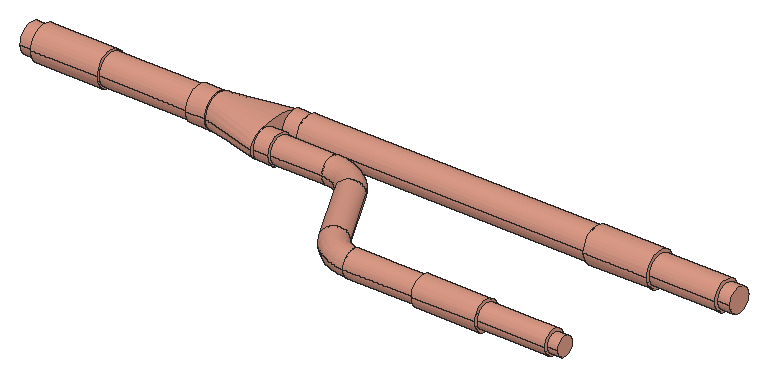
Revit family "outputfile", category 配管付属品, Revit 2024
Family settings
  丸型コネクタ寸法 = 半径を使用
  パーツ タイプ = 標準
  OmniClass 番号 = 23.65.55.00
  OmniClass タイトル = Distribution of Supplied Liquids/Gases
  作業面ベース = いいえ
  常に垂直 = はい
  ロード時にボイドで切り取り = いいえ
  共有 = いいえ
Parameters (values of type "BHRP26A73TA")
  Description = ""
  製造元 = "Daikin"
  書き出し IFC クラス(タイプ) = "IfcPipeFittingType"
  定義済み IFC タイプ(タイプ) = "JUNCTION"
  Cost = 0
  Type Comments = ""
  Keynote = ""
  Type Image = (empty or 0)
  Assembly Code = ""
  mm⇔inch [instance] = yes
  l_InletPipe4 = 12.0 mm
  built-in parameter 1114242 [instance] = (empty or 0)
  Default Elevation = 0.0 mm
  モデル = "BHRP26A73TA"
  table_StraightPipe [instance] = if(mm⇔inch, "Refnet Joint_BHRP26A-TA_Liquid_StraightPipe", "Refnet Joint_BHRP26A-TA_Liquid_StraightPipe_inch")  # "Refnet Joint_BHRP26A-TA_Liquid_StraightPipe"
  table_BranchPipe [instance] = if(mm⇔inch, "Refnet Joint_BHRP26A-TA_Liquid_BranchPipe", "Refnet Joint_BHRP26A-TA_Liquid_BranchPipe_inch")  # "Refnet Joint_BHRP26A-TA_Liquid_BranchPipe"
  table_Inlet [instance] = if(mm⇔inch, "Refnet Joint_BHRP26A-TA_Liquid_Inlet", "Refnet Joint_BHRP26A-TA_Liquid_Inlet_inch")  # "Refnet Joint_BHRP26A-TA_Liquid_Inlet"
  switch_StraightPipe_Reducer [instance] = if(Is_StraightPipe Reducer = 1, 1 = 1, 1 = 0)  # no
  switch_StraightPipe3 [instance] = if(number_StraightPipe = 3, 1 = 1, 1 = 0)  # yes
  switch_StraightPipe2 [instance] = if(number_StraightPipe < 2, 1 = 0, 1 = 1)  # yes
  switch_BranchPipe_Reducer [instance] = if(Is_BranchPipe Reducer = 1, 1 = 1, 1 = 0)  # no
  switch_BranchPipe3 [instance] = if(number_BranchPipe = 3, 1 = 1, 1 = 0)  # yes
  switch_BranchPipe2 [instance] = if(number_BranchPipe < 2, 1 = 0, 1 = 1)  # yes
  switch_Inlet pipe_Reducer [instance] = if(Is_Inlet Reducer = 1, 1 = 1, 1 = 0)  # no
  switch_Inlet pipe3 [instance] = if(number_InletPipe = 3, 1 = 1, 1 = 0)  # no
  switch_Inlet pipe2 [instance] = if(number_InletPipe < 2, 1 = 0, 1 = 1)  # yes
  Uniclass2015Version = "Products v1.31"
  Uniclass2015Title = "Copper pipe fittings"
  Uniclass2015Code = "Pr_65_52_63_18"
  URL = ""
  StraightPipe_Liquid_ActualDiameter [instance] = 12.7 mm
  Material_Piping = DAIKIN_Copper_Pipe
  Material_Insulation = DAIKIN_White_Insulation
  lw_Insulation [instance] = size_lookup(table_Inlet, "lw_Insulation", 38.0 mm, モデル)  # 65.1 mm
  Unit Type = "BHRP26A-TA_Liquid"
  Tag No. [instance] = ""
  StraightPipe_Liquid_Status [instance] = size_lookup(table_StraightPipe, "Information", "The connected pipe size is not available.", モデル, StraightPipe_Liquid_ActualDiameter)  # "Default connector size is used."
  Link_Nested Family [instance] = ""
  Inlet_Liquid_Actual Diameter [instance] = 15.9 mm
  IfcVersion = ""
  IfcExportType = "JUNCTION"
  IfcExportAs = "IfcPipeFittingType"
  BranchPipe_Liquid_Status [instance] = size_lookup(table_BranchPipe, "Information", "The connected pipe size is not available.", モデル, BranchPipe_Liquid_ActualDiameter)  # "Default connector size is used."
  Inlet_Liquid_Status [instance] = size_lookup(table_Inlet, "Information", "The connected pipe size is not available.", モデル, Inlet_Liquid_Actual Diameter)  # "Default connector size is used."
  Series = "Refnet Joint"
  O.R_dividePipe_Inlet [instance] = (I.D_InletPipe1 + 2.0 mm) / 2  # 10.55 mm
  r_StraightPipe_Connector [instance] = StraightPipe_Liquid_ActualDiameter / 2  # 6.35 mm
  r_BranchPipe_Connector [instance] = BranchPipe_Liquid_ActualDiameter / 2  # 4.75 mm
  r_Inlet_Connector [instance] = Inlet_Liquid_Actual Diameter / 2  # 7.95 mm
  number_StraightPipe [instance] = size_lookup(table_StraightPipe, "pipeNumber", 2, モデル, StraightPipe_Liquid_ActualDiameter)  # 3
  number_BranchPipe [instance] = size_lookup(table_BranchPipe, "pipeNumber", 2, モデル, BranchPipe_Liquid_ActualDiameter)  # 3
  number_InletPipe [instance] = size_lookup(table_Inlet, "pipeNumber", 1, モデル, Inlet_Liquid_Actual Diameter)  # 2
  r_BranchPipeR [instance] = size_lookup(table_BranchPipe, "r_offsetPipeR", 18.0 mm, モデル, BranchPipe_Liquid_ActualDiameter)  # 25.0 mm
  l_BranchPipe_Straight2 [instance] = size_lookup(table_BranchPipe, "L_offsetPipe2", 26.5 mm, モデル)  # 44.0 mm
  l_BranchPipe_Straight1 [instance] = size_lookup(table_BranchPipe, "L_offsetPipe1", 5.0 mm, モデル)  # 33.0 mm
  l_BranchPipe connector [instance] = size_lookup(table_BranchPipe, "Length", 150.0 mm, モデル, BranchPipe_Liquid_ActualDiameter)  # 244.0 mm
  l_inlet connector [instance] = size_lookup(table_Inlet, "Length", 70.0 mm, モデル, Inlet_Liquid_Actual Diameter)  # 118.0 mm
  l_dividePipe [instance] = size_lookup(table_Inlet, "L_devidePipe", 30.0 mm, モデル)  # 38.0 mm
  l_StraightPipeReducer [instance] = size_lookup(table_StraightPipe, "L_Reducer", 80.0 mm, モデル, StraightPipe_Liquid_ActualDiameter)  # 80.0 mm
  l_StraightPipe3 [instance] = size_lookup(table_StraightPipe, "L_Pipe3", 2.0 mm, モデル)  # 8.0 mm
  l_StraightPipe2 [instance] = size_lookup(table_StraightPipe, "L_Pipe2", 6.0 mm, モデル)  # 42.0 mm
  l_StraightPipe1 [instance] = size_lookup(table_StraightPipe, "L_Pipe1", 44.0 mm, モデル)  # 40.0 mm
  l_StraightPipe0 [instance] = size_lookup(table_StraightPipe, "L_Pipe0", 130.0 mm, モデル)  # 182.0 mm
  l_StraightPipe connector [instance] = size_lookup(table_StraightPipe, "Length", 190.0 mm, モデル, StraightPipe_Liquid_ActualDiameter)  # 282.0 mm
  l_BranchPipe Reducer [instance] = size_lookup(table_BranchPipe, "L_Reducer", 50.0 mm, モデル, BranchPipe_Liquid_ActualDiameter)  # 50.0 mm
  l_BranchPipe3 [instance] = size_lookup(table_BranchPipe, "L_Pipe3", 2.0 mm, モデル)  # 7.0 mm
  l_BranchPipe2 [instance] = size_lookup(table_BranchPipe, "L_Pipe2", 6.0 mm, モデル)  # 43.0 mm
  l_BranchPipe1 [instance] = size_lookup(table_BranchPipe, "L_Pipe1", 44.0 mm, モデル)  # 40.0 mm
  l_BranchPipe0 [instance] = size_lookup(table_BranchPipe, "L_Pipe0", 90.0 mm, モデル)  # 144.0 mm
  l_InletReducer [instance] = size_lookup(table_Inlet, "L_Reducer", 80.0 mm, モデル, Inlet_Liquid_Actual Diameter)  # 100.0 mm
  l_InletPipe3 [instance] = size_lookup(table_Inlet, "L_Pipe3", 2.0 mm, モデル)  # 2.0 mm
  l_InletPipe2 [instance] = size_lookup(table_Inlet, "L_Pipe2", 2.0 mm, モデル)  # 8.0 mm
  l_InletPipe1 [instance] = size_lookup(table_Inlet, "L_Pipe1", 7.0 mm, モデル)  # 42.0 mm
  l_InletPipe0 [instance] = size_lookup(table_Inlet, "L_Pipe0", 53.0 mm, モデル)  # 56.0 mm
  center_StraightPipe [instance] = size_lookup(table_StraightPipe, "center_Pipe", 6.5 mm, モデル)  # 11.5 mm
  center_BranchPipe2 [instance] = size_lookup(table_BranchPipe, "center_OffsetPipe", 73.5 mm, モデル)  # 78.5 mm
  center_BranchPipe1 [instance] = size_lookup(table_BranchPipe, "center_Pipe", 6.5 mm, モデル)  # 11.5 mm
  StraightPipe_Liquid_AvailableDiameter [instance] = size_lookup(table_StraightPipe, "sizeVariation", "", モデル)  # "12.7/15.9/19.1mm"
  BranchPipe_Liquid_AvailableDiameter [instance] = size_lookup(table_BranchPipe, "sizeVariation", "", モデル)  # "6.4/9.5/12.7/15.9mm"
  Inlet_Liquid_Available Diameter [instance] = size_lookup(table_Inlet, "sizeVariation", "", モデル)  # "15.9/19.1/22.2mm"
  O.D_StraightPipe Reducer [instance] = size_lookup(table_StraightPipe, "O.D_reducer", 2.0 mm, モデル, StraightPipe_Liquid_ActualDiameter)  # 2.0 mm
  O.D_Offset Outlet Reducer [instance] = size_lookup(table_BranchPipe, "O.D_reducer", 2.0 mm, モデル, BranchPipe_Liquid_ActualDiameter)  # 2.0 mm
  O.D_Inlet Reducer [instance] = size_lookup(table_Inlet, "O.D_reducer", 2.0 mm, モデル, Inlet_Liquid_Actual Diameter)  # 2.0 mm
  Is_StraightPipe Reducer [instance] = size_lookup(table_StraightPipe, "IsReducer", 0, モデル, StraightPipe_Liquid_ActualDiameter)  # 0
  Is_BranchPipe Reducer [instance] = size_lookup(table_BranchPipe, "IsReducer", 0, モデル, BranchPipe_Liquid_ActualDiameter)  # 0
  Is_Inlet Reducer [instance] = size_lookup(table_Inlet, "IsReducer", 0, モデル, Inlet_Liquid_Actual Diameter)  # 0
  BranchPipe_Liquid_ActualDiameter [instance] = 9.5 mm
  Attach_Insulation [instance] = no
  I.D_StraightPipe3 [instance] = size_lookup(table_StraightPipe, "I.D_PipeSize3", 2.0 mm, モデル)  # 12.7 mm
  I.D_StraightPipe2 [instance] = size_lookup(table_StraightPipe, "I.D_PipeSize2", 6.4 mm, モデル)  # 15.9 mm
  I.D_StraightPipe1 [instance] = size_lookup(table_StraightPipe, "I.D_PipeSize1", 9.5 mm, モデル)  # 19.1 mm
  I.D_StraightPipe0 [instance] = size_lookup(table_StraightPipe, "I.D_PipeSize0", 7.5 mm, モデル)  # 17.1 mm
  I.D_BranchPipe3 [instance] = size_lookup(table_BranchPipe, "I.D_PipeSize3", 2.0 mm, モデル)  # 9.5 mm
  I.D_BranchPipe2 [instance] = size_lookup(table_BranchPipe, "I.D_PipeSize2", 6.4 mm, モデル)  # 12.7 mm
  I.D_BranchPipe1 [instance] = size_lookup(table_BranchPipe, "I.D_PipeSize1", 9.5 mm, モデル)  # 15.9 mm
  I.D_BranchPipe0 [instance] = size_lookup(table_BranchPipe, "I.D_PipeSize0", 7.5 mm, モデル)  # 13.9 mm
  I.D_Straight Reducer [instance] = size_lookup(table_StraightPipe, "I.D_reducer", 2.0 mm, モデル, StraightPipe_Liquid_ActualDiameter)  # 2.0 mm
  I.D_OutletPipe [instance] = size_lookup(table_Inlet, "I.D_OutletPipeSize", 9.6 mm, モデル, Inlet_Liquid_Actual Diameter)  # 16.0 mm
  I.D_Branch Reducer [instance] = size_lookup(table_BranchPipe, "I.D_reducer", 2.0 mm, モデル, BranchPipe_Liquid_ActualDiameter)  # 2.0 mm
  I.D_Inlet Reducer [instance] = size_lookup(table_Inlet, "I.D_reducer", 2.0 mm, モデル, Inlet_Liquid_Actual Diameter)  # 2.0 mm
  I.D_InletPipe3 [instance] = size_lookup(table_Inlet, "I.D_PipeSize3", 2.0 mm, モデル)  # 2.0 mm
  I.D_InletPipe2 [instance] = size_lookup(table_Inlet, "I.D_PipeSize2", 2.0 mm, モデル)  # 15.9 mm
  I.D_InletPipe1 [instance] = size_lookup(table_Inlet, "I.D_PipeSize1", 9.5 mm, モデル)  # 19.1 mm
  I.D_InletPipe0 [instance] = size_lookup(table_Inlet, "I.D_PipeSize0", 7.5 mm, モデル)  # 17.1 mm
Reference planes
  plane 1 "Center (Front/Back)": y = 0
  plane 2: z = 0
  plane 3 "base_left": x = 0
  plane 4: x = 2
  plane 5: x = 10
  plane 6: x = 52
  plane 7: x = 108
  plane 8: x = 120
  plane 9: x = 158
  plane 10: x = 168
  plane 11 "center_straight outlet": y = 11.5
  plane 12 "center2_offset outlet": y = -78.5
  plane 13 "center1_offset outlet": y = -11.5
  plane 14: x = 350
  plane 15: x = 390
  plane 16: x = 432
  plane 17: x = 312
  plane 18: x = 352
  plane 19: x = 395
  plane 20: x = 440
  plane 21: x = 402
  plane 22 "Reducer_straightoutlet": x = 402
  plane 23: x = 440
  plane 24: y = -22.05
  plane 25: z = 10.55
  plane 26 "Inlet_connector": x = 2
  plane 27 "Left_Insulation": x = 54.9
Forms (mm)
  SweptBlend 1, solid, material "DAIKIN_Copper_Pipe" <- "Material_Piping"
    path origin (0, 0, 0) x (1, 0, 0) y (0, 1, 0)
      loop
        line (120, 0) -> (158, 0)
    profile origin (120, 0, 0) x (0, 1, 0) y (0, 0, 1)
      loop
        circle (0, 0) r 10.55
    end profile origin (158, 0, 0) x (0, 1, 0) y (0, 0, 1)
      loop
        spline (-22.05, 0) -> (-21.299, -2.731) -> (-19.096, -5.275) -> (-15.592, -7.46) -> (-11.025, -9.137) -> (-5.707, -10.191) -> (0, -10.55) -> (5.707, -10.191) -> (11.025, -9.137) -> (15.592, -7.46) -> (19.096, -5.275) -> (21.299, -2.731) -> (22.05, 0)
        spline (22.05, 0) -> (21.299, 2.731) -> (19.096, 5.275) -> (15.592, 7.46) -> (11.025, 9.137) -> (5.707, 10.191) -> (0, 10.55) -> (-5.707, 10.191) -> (-11.025, 9.137) -> (-15.592, 7.46) -> (-19.096, 5.275) -> (-21.299, 2.731) -> (-22.05, 0)
Dimensions and locks
  "l_InletPipe3": plane 3 "base_left" to plane 4
  "l_InletPipe2": plane 4 to plane 5
  "l_InletPipe1": plane 5 to plane 6
  "l_InletPipe0": plane 6 to plane 7
  "l_InletPipe4": plane 7 to plane 8
  "center_StraightPipe": plane 1 "Center (Front/Back)" to plane 11 "center_straight outlet"
  "center_BranchPipe2": plane 12 "center2_offset outlet" to plane 1 "Center (Front/Back)"
  "center_BranchPipe1": plane 13 "center1_offset outlet" to plane 1 "Center (Front/Back)"
  "l_dividePipe": plane 8 to plane 9
  plane 9 to plane 10 = 10.0 mm
  "l_StraightPipe0": plane 10 to plane 14
  "l_BranchPipe0": plane 10 to plane 17
  "l_BranchPipe1": plane 17 to plane 18
  "l_BranchPipe2": plane 18 to plane 19
  "l_StraightPipe1": plane 14 to plane 15
  "l_StraightPipe2": plane 15 to plane 16
  "l_StraightPipe3": plane 16 to plane 20
  "l_BranchPipe3": plane 19 to plane 21
  "l_BranchPipe connector": plane 9 to plane 22 "Reducer_straightoutlet"
  "l_StraightPipe connector": plane 9 to plane 23
  "O.R_dividePipe_Inlet": plane 24 to plane 13 "center1_offset outlet"
  "O.R_dividePipe_Inlet": plane 25 to plane 2
  "l_inlet connector": plane 26 "Inlet_connector" to plane 8
  "lw_Insulation": plane 27 "Left_Insulation" to plane 8
  "O.R_dividePipe_Inlet": radius of SweptBlend 1 sketch curve
  aligned and locked: level to plane 2
  aligned and locked: plane 2 to nested 1
  aligned and locked: plane 3 "base_left" to nested 1
  aligned and locked: plane 1 "Center (Front/Back)" to nested 1
  aligned and locked: plane 4 to nested 2
  aligned and locked: plane 1 "Center (Front/Back)" to nested 2
  aligned and locked: plane 5 to nested 2
  aligned and locked: plane 5 to nested 3
  aligned and locked: plane 6 to nested 3
  aligned and locked: plane 6 to nested 4
  aligned and locked: nested 4 to plane 7
  aligned and locked: nested 5 to plane 7
  aligned and locked: nested 5 to plane 8
  aligned and locked: plane 8 to SweptBlend 1 sketch curve
  aligned and locked: plane 9 to SweptBlend 1 sketch curve
  aligned and locked: plane 2 to SweptBlend 1 sketch curve  (x2)
  aligned and locked: plane 1 "Center (Front/Back)" to SweptBlend 1 sketch curve  (x2)
  aligned and locked: nested 6 to plane 9
  aligned and locked: nested 7 to plane 9
  aligned and locked: nested 6 to plane 11 "center_straight outlet"
  aligned and locked: nested 7 to plane 13 "center1_offset outlet"
  aligned and locked: nested 7 to plane 10
  aligned and locked: nested 6 to plane 10
  aligned and locked: nested 8 to plane 10
  aligned and locked: plane 14 to nested 8
  aligned and locked: nested 8 to plane 11 "center_straight outlet"
  aligned and locked: plane 14 to nested 9
  aligned and locked: nested 9 to plane 11 "center_straight outlet"
  aligned and locked: plane 15 to nested 9
  aligned and locked: nested 10 to plane 11 "center_straight outlet"
  aligned and locked: plane 15 to nested 10
  aligned and locked: plane 16 to nested 10
  aligned and locked: nested 11 to plane 12 "center2_offset outlet"
  aligned and locked: plane 17 to nested 11
  aligned and locked: plane 18 to nested 11
  aligned and locked: nested 12 to plane 12 "center2_offset outlet"
  aligned and locked: plane 18 to nested 12
  aligned and locked: plane 19 to nested 12
  aligned and locked: nested 13 to plane 10
  aligned and locked: nested 13 to plane 13 "center1_offset outlet"
  aligned and locked: nested 13 to plane 12 "center2_offset outlet"
  aligned and locked: plane 8 to nested 14
  aligned and locked: plane 1 "Center (Front/Back)" to nested 14
  aligned and locked: plane 11 "center_straight outlet" to nested 15
  aligned and locked: nested 15 to plane 9
  aligned and locked: nested 16 to plane 9
  aligned and locked: plane 12 "center2_offset outlet" to nested 16
  aligned and locked: nested 17 to plane 1 "Center (Front/Back)"
  aligned and locked: plane 16 to nested 18
  aligned and locked: plane 20 to nested 18
  aligned and locked: plane 19 to nested 19
  aligned and locked: plane 21 to nested 19
  aligned and locked: nested 20 to plane 12 "center2_offset outlet"
  aligned and locked: plane 23 to nested 21
  aligned and locked: nested 21 to plane 11 "center_straight outlet"
  aligned and locked: plane 4 to nested 1
  aligned and locked: plane 24 to SweptBlend 1 sketch curve
  aligned and locked: plane 25 to SweptBlend 1 sketch curve
  aligned and locked: nested 19 to plane 12 "center2_offset outlet"
  aligned and locked: nested 18 to plane 11 "center_straight outlet"
  aligned and locked: nested 17 to plane 26 "Inlet_connector"
  aligned and locked: plane 22 "Reducer_straightoutlet" to nested 20
  aligned and locked: nested 22 to plane 27 "Left_Insulation"
  aligned and locked: plane 1 "Center (Front/Back)" to nested 22
Automatic sketch dimensions
  plane 1 "Center (Front/Back)" to SweptBlend 1 sketch curve = 0.0 mm
Nested families
  nested 1: "daikin_Pipe" at (1, 0, 0), I.D_Pipe <- "I.D_InletPipe3", display <- "switch_Inlet pipe3", type "*"
    with length_Pipe 2.0 mm, display no, O.D_Pipe 4.0 mm, I.D_Pipe 2.0 mm
  nested 2: "daikin_Pipe" at (6, 0, 0), I.D_Pipe <- "I.D_InletPipe2", display <- "switch_Inlet pipe2", type "*"
    with length_Pipe 8.0 mm, display yes, O.D_Pipe 17.9 mm, I.D_Pipe 15.9 mm
  nested 3: "daikin_Pipe" at (31, 0, 0), I.D_Pipe <- "I.D_InletPipe1", type "*"
    with length_Pipe 42.0 mm, display yes, O.D_Pipe 21.1 mm, I.D_Pipe 19.1 mm
  nested 4: "daikin_Pipe" at (80, 0, 0), I.D_Pipe <- "I.D_InletPipe0", type "*"
    with length_Pipe 56.0 mm, display yes, O.D_Pipe 19.1 mm, I.D_Pipe 17.1 mm
  nested 5: "daikin_Pipe" at (114, 0, 0), I.D_Pipe <- "I.D_InletPipe1", type "*"
    with length_Pipe 12.0 mm, display yes, O.D_Pipe 21.1 mm, I.D_Pipe 19.1 mm
  nested 6: "daikin_Pipe" at (163, 11.5, 0), I.D_Pipe <- "I.D_OutletPipe", type "*"
    with length_Pipe 10.0 mm, display yes, O.D_Pipe 18.0 mm, I.D_Pipe 16.0 mm
  nested 7: "daikin_Pipe" at (163, -11.5, 0), I.D_Pipe <- "I.D_OutletPipe", type "*"
    with length_Pipe 10.0 mm, display yes, O.D_Pipe 18.0 mm, I.D_Pipe 16.0 mm
  nested 8: "daikin_Pipe" at (259, 11.5, 0), I.D_Pipe <- "I.D_StraightPipe0", type "*"
    with length_Pipe 182.0 mm, display yes, O.D_Pipe 19.1 mm, I.D_Pipe 17.1 mm
  nested 9: "daikin_Pipe" at (370, 11.5, 0), I.D_Pipe <- "I.D_StraightPipe1", type "*"
    with length_Pipe 40.0 mm, display yes, O.D_Pipe 21.1 mm, I.D_Pipe 19.1 mm
  nested 10: "daikin_Pipe" at (411, 11.5, 0), I.D_Pipe <- "I.D_StraightPipe2", display <- "switch_StraightPipe2", type "*"
    with length_Pipe 42.0 mm, display yes, O.D_Pipe 17.9 mm, I.D_Pipe 15.9 mm
  nested 11: "daikin_Pipe" at (332, -78.5, 0), I.D_Pipe <- "I.D_BranchPipe1", type "*"
    with length_Pipe 40.0 mm, display yes, O.D_Pipe 17.9 mm, I.D_Pipe 15.9 mm
  nested 12: "daikin_Pipe" at (373.5, -78.5, 0), I.D_Pipe <- "I.D_BranchPipe2", display <- "switch_BranchPipe2", type "*"
    with length_Pipe 43.0 mm, display yes, O.D_Pipe 14.7 mm, I.D_Pipe 12.7 mm
  nested 13: "daikin_Pipe Ofsset" at (168, -11.5, 0), I.D_Pipe size <- "I.D_BranchPipe0", length_straight pipe1 <- "l_BranchPipe_Straight1", length_straight pipe2 <- "l_BranchPipe_Straight2", r_Pipe R <- "r_BranchPipeR", length_Pipe <- "l_BranchPipe0", type "*"
    with r_Pipe R 25.0 mm, length_straight pipe2 44.0 mm, length_straight pipe1 33.0 mm, length_offset center 67.0 mm, length_Pipe 144.0 mm, O.D_Pipe size 15.9 mm, I.D_Pipe size 13.9 mm
  nested 14: "daikin_connector_rotate2" at (120, 0, 0) x (0, -1, 0) z (0, 0, 1), length <- "l_inlet connector", type "daikin_connector_rotate2"
    with radius 5.0 mm, length 118.0 mm, angle_vertical 90.00°, locaton_mark no
  nested 15: "daikin_connector_rotate2" at (158, 11.5, 0) x (0, 1, 0) z (0, 0, 1), length <- "l_StraightPipe connector", type "daikin_connector_rotate2"
    with radius 5.0 mm, length 282.0 mm, angle_vertical 90.00°, locaton_mark no
  nested 16: "daikin_connector_rotate2" at (158, -78.5, 0) x (0, 1, 0) z (0, 0, 1), length <- "l_BranchPipe connector", type "daikin_connector_rotate2"
    with radius 5.0 mm, length 244.0 mm, angle_vertical 90.00°, locaton_mark no
  nested 17: "daikin_Pipe_reducer" at (52, 0, 0) x (-1, 0, 0) z (0, 0, 1), display <- "switch_Inlet pipe_Reducer", length_Pipe <- "l_InletReducer", I.D_Pipe1 <- "I.D_Inlet Reducer", O.D_Pipe2 <- "O.D_Inlet Reducer", type "*"
    with length_Pipe 100.0 mm, display no, O.D_Pipe2 2.0 mm, O.D_Pipe1 4.0 mm, I.D_Pipe2 0.0 mm, I.D_Pipe1 2.0 mm
  nested 18: "daikin_Pipe" at (436, 11.5, 0), I.D_Pipe <- "I.D_StraightPipe3", display <- "switch_StraightPipe3", type "*"
    with length_Pipe 8.0 mm, display yes, O.D_Pipe 14.7 mm, I.D_Pipe 12.7 mm
  nested 19: "daikin_Pipe" at (398.5, -78.5, 0), I.D_Pipe <- "I.D_BranchPipe3", display <- "switch_BranchPipe3", type "*"
    with length_Pipe 7.0 mm, display yes, O.D_Pipe 11.5 mm, I.D_Pipe 9.5 mm
  nested 20: "daikin_Pipe_reducer" at (377, -78.5, 0), I.D_Pipe1 <- "I.D_Branch Reducer", O.D_Pipe2 <- "O.D_Offset Outlet Reducer", length_Pipe <- "l_BranchPipe Reducer", display <- "switch_BranchPipe_Reducer", type "*"
    with length_Pipe 50.0 mm, display no, O.D_Pipe2 2.0 mm, O.D_Pipe1 4.0 mm, I.D_Pipe2 0.0 mm, I.D_Pipe1 2.0 mm
  nested 21: "daikin_Pipe_reducer" at (400, 11.5, 0), I.D_Pipe1 <- "I.D_Straight Reducer", O.D_Pipe2 <- "O.D_StraightPipe Reducer", length_Pipe <- "l_StraightPipeReducer", display <- "switch_StraightPipe_Reducer", type "*"
    with length_Pipe 80.0 mm, display no, O.D_Pipe2 2.0 mm, O.D_Pipe1 4.0 mm, I.D_Pipe2 0.0 mm, I.D_Pipe1 2.0 mm
  nested 22: "daikin_Insulation_RefnetJoint" at (54.9, 0, 0), I.D_Outlet PipeSize <- "I.D_OutletPipe", type "*"
    with h 48.0 mm, I.D_Outlet PipeSize 16.0 mm, r_Insulation 18.4 mm, h_Insulation 229.4 mm, d_Insulation3_3 74.9 mm, d_Insulation2_2 40.2 mm, d_Insulation1_1 27.2 mm, w_Insulation5 238.0 mm, w_Insulation4 59.7 mm, w_Insulation3 48.7 mm, w_Insulation2 93.9 mm, w_Insulation1 33.1 mm, d_Insulation3 68.4 mm, d_Insulation2 38.8 mm, d_Insulation1 25.8 mm
Connectors
  piping at (2, 0, 0), diameter 15.9, driven by "r_Inlet_Connector"
    settings: on nested 14, index 1, connector inside diameter 609.6 mm, connector length 0.0 mm, flow factor 0, pipe flow 0.00 m³/h, pressure drop 0.0 Pa, fitting loss kfactor 0, connector angle 0.00°, fixture units 0, engagement length 0.0 mm, angle of deflection 0.00°, flow configuration 0, flow direction 1, fitting loss method 0, system type 29, joint type 0, gender type 0, connector reference index -1, connector utility 0, adjustable connector no, is connector primary yes, connector description "Refnet Joint_Inlet_Liquid"
  piping at (402, -78.5, 0), diameter 9.5, driven by "r_BranchPipe_Connector"
    settings: on nested 16, index 2, connector inside diameter 609.6 mm, connector length 0.0 mm, flow factor 0, pipe flow 0.00 m³/h, pressure drop 0.0 Pa, fitting loss kfactor 0, connector angle 0.00°, fixture units 0, engagement length 0.0 mm, angle of deflection 0.00°, flow configuration 0, flow direction 2, fitting loss method 0, system type 29, joint type 0, gender type 0, connector reference index -1, connector utility 0, adjustable connector no, is connector primary no, connector description "Refnet Joint_Outlet Branch_Liquid"
  piping at (440, 11.5, 0), diameter 12.7, driven by "r_StraightPipe_Connector"
    settings: on nested 15, index 3, connector inside diameter 609.6 mm, connector length 0.0 mm, flow factor 0, pipe flow 0.00 m³/h, pressure drop 0.0 Pa, fitting loss kfactor 0, connector angle 0.00°, fixture units 0, engagement length 0.0 mm, angle of deflection 0.00°, flow configuration 0, flow direction 2, fitting loss method 0, system type 29, joint type 0, gender type 0, connector reference index -1, connector utility 0, adjustable connector no, is connector primary no, connector description "Refnet Joint_Outlet Straight_Liquid"
Definition of nested family "daikin_Pipe"
  Parameters (values of type "*")
    Default Elevation = 0.0 mm
    material = none
    length_Pipe [instance] = 150.0 mm
    display [instance] = yes
    O.D_Pipe [instance] = I.D_Pipe + 2.0 mm  # 27.0 mm
    I.D_Pipe [instance] = 25.0 mm
  Reference planes
    plane 1 "Center (Front/Back)": y = 0
    plane 2 "center(vertical)": z = 0
    plane 3 "Center (Left/Right)": x = 0
    plane 4 "left": x = -75
    plane 5 "right": x = 75
  Forms (mm)
    Extrusion 1, solid, material <- "material", visible <- "display"
      sketch origin (0, 0, 0) x (0, 1, 0) y (0, 0, 1)
        loop
          circle (0, 0) r 13.5
      from -75 to 75
  Dimensions and locks
    equal spacing: plane 4 "left", plane 3 "Center (Left/Right)", plane 5 "right"
    "length_Pipe": plane 4 "left" to plane 5 "right"
    "O.D_Pipe": diameter of Extrusion 1 sketch curve
    aligned and locked: level to plane 2 "center(vertical)"
    aligned and locked: plane 2 "center(vertical)" to Extrusion 1 sketch curve
    aligned and locked: plane 1 "Center (Front/Back)" to Extrusion 1 sketch curve
    aligned and locked: plane 5 "right" to Extrusion 1
    aligned and locked: Extrusion 1 to plane 4 "left"
Definition of nested family "daikin_Pipe Ofsset"
  Parameters (values of type "*")
    Default Elevation = 0.0 mm
    r_Pipe R [instance] = 18.0 mm
    material = none
    length_straight pipe2 [instance] = 25.5 mm
    length_straight pipe1 [instance] = 5.0 mm
    length_offset center [instance] = 67.5 mm
    length_Pipe [instance] = 90.0 mm
    O.D_Pipe size [instance] = I.D_Pipe size + 2.0 mm  # 12.0 mm
    I.D_Pipe size [instance] = 10.0 mm
  Reference planes
    plane 1 "Center (Front/Back)": y = 0
    plane 2: z = 0
    plane 3 "Center (Left/Right)": x = 0
    plane 4: y = -67.5
    plane 5: x = 90
    plane 6: x = 64.5
    plane 7: x = 5
  Forms (mm)
    Sweep 1, solid, material <- "material"
      path origin (0, 0, 0) x (1, 0, 0) y (0, 1, 0)
        loop
          line (0, 0) -> (5, 0)
          arc (5, 0) -> (14.03, -2.429) -> (20.623, -9.061) r 18
          line (20.623, -9.061) -> (48.877, -58.439)
          arc (48.877, -58.439) -> (55.47, -65.071) -> (64.5, -67.5) r 18
          line (64.5, -67.5) -> (90, -67.5)
      profile origin (2.5, 0, 0) x (0, 1, 0) y (0, 0, 1)
        loop
          circle (0, 0) r 6
  Dimensions and locks
    "length_offset center": plane 4 to plane 1 "Center (Front/Back)"
    "length_straight pipe1": plane 3 "Center (Left/Right)" to plane 7
    "length_Pipe": plane 3 "Center (Left/Right)" to plane 5
    "length_straight pipe2": plane 6 to plane 5
    "O.D_Pipe size": diameter of Sweep 1 sketch curve
    "r_Pipe R": radius of Sweep 1 sketch curve  (x2)
    aligned and locked: level to plane 2
    aligned and locked: plane 1 "Center (Front/Back)" to Sweep 1 sketch curve
    aligned and locked: profile plane to Sweep 1 sketch curve
    aligned and locked: plane 5 to Sweep 1 sketch curve
    aligned and locked: plane 7 to Sweep 1 sketch curve
    aligned and locked: plane 6 to Sweep 1 sketch curve
  Automatic sketch dimensions
    plane 1 "Center (Front/Back)" to Sweep 1 sketch curve = 0.0 mm
    Sweep 1 sketch curve to plane 3 "Center (Left/Right)" = 0.0 mm
    plane 4 to Sweep 1 sketch curve = 0.0 mm
Definition of nested family "daikin_connector_rotate2"
  Parameters (values of type "daikin_connector_rotate2")
    show_face = no
    radius [instance] = 10.0 mm
    locaton_mark = yes
    length [instance] = 600.0 mm
    d_surface = 10.0 mm
    angle_vertical [instance] = 90.00°
    Default Elevation = 0.0 mm
  Reference planes
    plane 1 "Center (Front/Back)": y = 0
    plane 2: z = 0
    plane 3 "Center (Left/Right)": x = 0
  Forms (mm)
    Extrusion 1, solid, visible <- "show_face"
      sketch origin (0, -600, 0) x (1, 0, 0) y (0, 0, 1)
        loop
          circle (0, 0) r 10
      from 0 to -10
  Lines and regions (mm)
    reference lines
      curve 1: line (0, 0, 0) -> (0, -600, 0)
    symbolic lines, visible <- "locaton_mark"
      curve 2: circle (0, 0, 0) r 5 normal (0, 0, 1)
    model lines, visible <- "show_face"
      curve 3: line (0, 0, 0) -> (0, -600, 0)
  Dimensions and locks
    "length": curve 1 to curve 1
    "length": curve 3 to curve 3
    "d_surface": Extrusion 1 to Extrusion 1
    "radius": radius of Extrusion 1 sketch curve
    "angle_vertical": angle curve 1 to plane 1 "Center (Front/Back)"
    "angle_vertical": angle curve 3 to plane 1 "Center (Front/Back)"
    aligned and locked: level to plane 2
    aligned and locked: plane 1 "Center (Front/Back)" to curve 1
    aligned and locked: plane 2 to curve 1
    aligned and locked: plane 1 "Center (Front/Back)" to curve 2
    aligned and locked: plane 3 "Center (Left/Right)" to curve 2
    aligned and locked: plane 1 "Center (Front/Back)" to curve 3
    aligned and locked: plane 2 to curve 3
    aligned and locked: Extrusion 1 to Extrusion 1
  Automatic sketch dimensions
    Extrusion 1 sketch curve to level = 0.0 mm
    Extrusion 1 sketch curve to plane 3 "Center (Left/Right)" = 0.0 mm
    radius of curve 2 = 5.0 mm
Definition of nested family "daikin_Pipe_reducer"
  Parameters (values of type "*")
    Default Elevation = 0.0 mm
    material = none
    length_Pipe [instance] = 250.0 mm
    display [instance] = yes
    O.D_Pipe2 [instance] = 19.1 mm
    O.D_Pipe1 [instance] = I.D_Pipe1 + 2.0 mm  # 24.2 mm
    I.D_Pipe2 [instance] = O.D_Pipe2 - 2.0 mm  # 17.1 mm
    I.D_Pipe1 [instance] = 22.2 mm
  Reference planes
    plane 1 "Center (Front/Back)": y = 0
    plane 2 "center(vertical)": z = 0
    plane 3 "Center (Left/Right)": x = 0
    plane 4 "connection": x = -125
    plane 5 "right": x = 113
    plane 6: x = 125
  Forms (mm)
    Extrusion 1, solid, material <- "material", visible <- "display"
      sketch origin (0, 0, 0) x (0, 1, 0) y (0, 0, 1)
        loop
          circle (0, 0) r 9.55
      from -125 to 113
    Extrusion 2, solid, material <- "material", visible <- "display"
      sketch origin (0, 0, 0) x (0, 1, 0) y (0, 0, 1)
        loop
          circle (0, 0) r 12.1
      from 113 to 125
  Dimensions and locks
    locked: plane 5 "right" to plane 6 at 12
    "length_Pipe": plane 4 "connection" to plane 6
    equal spacing: plane 4 "connection", plane 3 "Center (Left/Right)", plane 6
    "O.D_Pipe2": diameter of Extrusion 1 sketch curve
    "O.D_Pipe1": diameter of Extrusion 2 sketch curve
    aligned and locked: level to plane 2 "center(vertical)"
    aligned and locked: plane 2 "center(vertical)" to Extrusion 1 sketch curve
    aligned and locked: plane 1 "Center (Front/Back)" to Extrusion 1 sketch curve
    aligned and locked: plane 5 "right" to Extrusion 1
    aligned and locked: Extrusion 1 to plane 4 "connection"
    aligned and locked: plane 2 "center(vertical)" to Extrusion 2 sketch curve
    aligned and locked: plane 1 "Center (Front/Back)" to Extrusion 2 sketch curve
    aligned and locked: Extrusion 2 to plane 5 "right"
    aligned and locked: plane 6 to Extrusion 2
Definition of nested family "daikin_Insulation_RefnetJoint"
  Parameters (values of type "*")
    r_Insulation = size_lookup(table_Insulation, "r_Insulation", 17.0 mm, Model)  # 17.0 mm
    h_Insulation = size_lookup(table_Insulation, "h_Insulation", 146.0 mm, Model)  # 146.0 mm
    d_Insulation3_3 = size_lookup(table_Insulation, "d_Insulation3_3", 64.0 mm, Model)  # 64.0 mm
    d_Insulation2_2 = size_lookup(table_Insulation, "d_Insulation2_2", 30.0 mm, Model)  # 30.0 mm
    d_Insulation1_1 = size_lookup(table_Insulation, "d_Insulation1_1", 22.0 mm, Model)  # 22.0 mm
    Default Elevation = 0.0 mm
    Model = "BHRP26A22TA"
    w_Insulation5 = size_lookup(table_Insulation, "w_Insulation5", 153.0 mm, Model)  # 153.0 mm
    w_Insulation4 = size_lookup(table_Insulation, "w_Insulation4", 51.5 mm, Model)  # 51.5 mm
    w_Insulation3 = size_lookup(table_Insulation, "w_Insulation3", 33.1 mm, Model)  # 33.1 mm
    w_Insulation2 = size_lookup(table_Insulation, "w_Insulation2", 35.3 mm, Model)  # 35.3 mm
    w_Insulation1 = size_lookup(table_Insulation, "w_Insulation1", 1.0 mm, Model)  # 1.0 mm
    table_Insulation = "Refnet Joint_BHRP26A-TA_Liquid_Insulation"  # constant formula
    material = none
    h [instance] = (I.D_Outlet PipeSize + 2.0 mm) + 30.0 mm  # 47.0 mm
    display = no
    d_Insulation3 = size_lookup(table_Insulation, "d_Insulation3", 63.0 mm, Model)  # 63.0 mm
    d_Insulation2 = size_lookup(table_Insulation, "d_Insulation2", 32.0 mm, Model)  # 32.0 mm
    d_Insulation1 = size_lookup(table_Insulation, "d_Insulation1", 24.0 mm, Model)  # 24.0 mm
    I.D_Outlet PipeSize [instance] = 15.0 mm
  Reference planes
    plane 1 "Center (Front/Back)": y = 0
    plane 2: z = 0
    plane 3 "Left": x = 0
    plane 4 "top": z = 23.5
    plane 5 "bottom": z = -23.5
    plane 6: x = 1
    plane 7: x = 35.3
    plane 8: y = 22
    plane 9: y = -24
    plane 10: y = 30
    plane 11: y = -32
    plane 12: y = -97
    plane 13: x = 153
    plane 14: y = -34
    plane 15: x = 68.4
    plane 16: x = 101.5
    plane 17: x = 146
  Forms (mm)
    Extrusion 1, solid, material <- "material", visible <- "display"
      sketch origin (-21, 0, 0) x (1, 0, 0) y (0, 1, 0)
        loop
          line (22, 22) -> (21, 22) -> (21, -24) -> (22, -24) -> (56.3, -32) -> (89.4, -32) -> (122.5, -97) -> (174, -97) -> (174, -51) -> (167, -51)
          arc (167, -51) -> (150, -34) -> (167, -17) r 17
          line (167, -17) -> (174, -17) -> (174, 30) -> (56.3, 30) -> (22, 22)
      from -23.5 to 23.5
  Dimensions and locks
    equal spacing: plane 4 "top", plane 2, plane 5 "bottom"
    "h": plane 4 "top" to plane 5 "bottom"
    "w_Insulation1": plane 3 "Left" to plane 6
    "w_Insulation2": plane 3 "Left" to plane 7
    "w_Insulation5": plane 3 "Left" to plane 13
    "w_Insulation3": plane 7 to plane 15
    "w_Insulation4": plane 16 to plane 13
    "d_Insulation1": plane 1 "Center (Front/Back)" to plane 9
    "d_Insulation1_1": plane 8 to plane 1 "Center (Front/Back)"
    "d_Insulation2": plane 1 "Center (Front/Back)" to plane 11
    "d_Insulation2_2": plane 10 to plane 1 "Center (Front/Back)"
    "d_Insulation3_3": plane 10 to plane 14
    "d_Insulation3": plane 14 to plane 12
    "r_Insulation": Extrusion 1 sketch curve to plane 14
    "r_Insulation": plane 14 to Extrusion 1 sketch curve
    "h_Insulation": plane 3 "Left" to plane 17
    "r_Insulation": radius of Extrusion 1 sketch curve
    aligned and locked: level to plane 2
    aligned and locked: Extrusion 1 to plane 5 "bottom"
    aligned and locked: plane 4 "top" to Extrusion 1
    aligned and locked: plane 6 to Extrusion 1  (x2)
    aligned and locked: plane 7 to Extrusion 1  (x2)
    aligned and locked: plane 6 to Extrusion 1 sketch curve
    aligned and locked: Extrusion 1 sketch curve to plane 11
    aligned and locked: plane 7 to Extrusion 1 sketch curve  (x2)
    aligned and locked: Extrusion 1 sketch curve to plane 10
    aligned and locked: Extrusion 1 sketch curve to plane 12
    aligned and locked: Extrusion 1 sketch curve to plane 13  (x2)
    aligned and locked: plane 16 to Extrusion 1 sketch curve
    aligned and locked: plane 15 to Extrusion 1 sketch curve
    aligned and locked: plane 17 to Extrusion 1 sketch curve
  Automatic sketch dimensions
    Extrusion 1 sketch curve to plane 3 "Left" = 0.0 mm
    Extrusion 1 sketch curve to plane 6 = 0.0 mm
    Extrusion 1 sketch curve to plane 9 = 0.0 mm
    Extrusion 1 sketch curve to plane 8 = 0.0 mm
